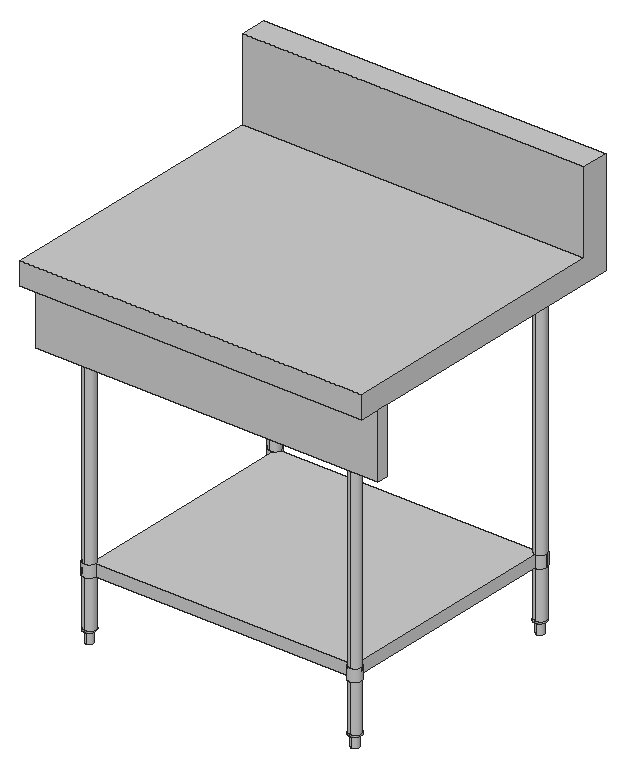
Revit family "QF_COMCATER ALL BRANDS_RCS21004", category Specialty Equipment, Revit 2014
Parameters (values of type "RCS21004")
  URL Cutsheet = ""
  URL = ""
  Type Comments = ""
  Status [instance] = ""
  Specification by User [instance] = ""
  Specification by Manufacturer [instance] = ""
  Seismic Rating = ""
  SMACNA No = ""
  Revision Code [instance] = ""
  NAFEM Spec ID Number = ""
  Model = "RCS21004"
  Masterspec = ""
  Manufacturer = "TRUEHEAT"
  Length Actual = 900 mm
  Item Number [instance] = ""
  Installed By [instance] = ""
  Identify Quantity as Lot [instance] = no
  Height Actual = 1125 mm
  Furnished By [instance] = ""
  Foodservice Equipment Identifier [instance] = yes
  Description = "IN-FILL BENCH COMPLETE WITH SHELF 900MM FOR SALAMANDER"
  Depth Actual = 803 mm
  CSI MasterFormat = ""
  Assembly Code = "E1090320"
  Accessory = no
Reference planes
  plane 1 "Center (Front/Back)": y = 0
  plane 2: z = 0
  plane 3 "Center (Left/Right)": x = 0
Dimensions and locks
  aligned and locked: level to plane 2
Nested families
  nested 1: "QF_COMCATER_RCS21004" at (0, 0, 0), type "RCS21004"
    with Show Logo yes, Show Clearance yes
Definition of nested family "QF_COMCATER_RCS21004"
  Parameters (values of type "RCS21004")
    URL = "www.comcater.com.au"
    Show Logo [instance] = yes
    Show Clearance [instance] = yes
    Model = "RCS21004"
    Manufacturer = "TRUEHEAT"
    Description = "IN-FILL BENCH COMPLETE WITH SHELF 900MM FOR SALAMANDER"
    Assembly Code = "E1090320"
  Reference planes
    plane 1 "Back": y = 0
    plane 2: z = 0
    plane 3 "Left": x = 0
    plane 4 "Right": x = 900
    plane 5 "Front": y = -803
    plane 6 "Top": z = 910
  Forms (mm)
    Extrusion 1, solid
      sketch origin (207.069, 0, 682.5) x (0, 1, 0) y (0, 0, 1)
        loop
          line (0, 442.5) -> (-70, 442.5) -> (-70, 227.5) -> (-803, 227.5) -> (-803, 167.5) -> (0, 167.5) -> (0, 442.5)
      from -207.069 to 692.931
    Extrusion 2, solid
      sketch origin (0, 0, 0) x (0, 1, 0) y (0, 0, 1)
        loop
          line (-720, 850) -> (-750, 850) -> (-750, 680) -> (-720, 680) -> (-720, 850)
      from 0 to 900
    Extrusion 3, solid
      sketch origin (0, 0, 160) x (1, 0, 0) y (0, 1, 0)
        loop
          line (108.05, -104.988) -> (108.05, -685.027)
          arc (108.05, -685.027) -> (85.408, -708.722) -> (117, -700) r 17
          line (117, -700) -> (783, -700)
          arc (783, -700) -> (812.021, -712.021) -> (800, -683) r 17
          line (800, -683) -> (800, -107)
          arc (800, -107) -> (812.021, -77.979) -> (783, -90) r 17
          line (783, -90) -> (117.028, -90)
          arc (117.028, -90) -> (85.445, -81.264) -> (108.05, -104.988) r 17
        loop
          circle (100, -700) r 15
        loop
          circle (800, -700) r 15
        loop
          circle (100.028, -90) r 15
        loop
          circle (800, -90) r 15
      from 0 to 30
    Revolve 4, solid
      sketch origin (100, 38, 0) x (0, 1, 0) y (0, 0, 1)
        loop
          line (-113, 850) -> (-128, 850) -> (-128, 0) -> (-118, 0) -> (-118, 30) -> (-113, 30)
          arc (-113, 30) -> (-111.5, 31.5) -> (-113, 33) r 1.5
          line (-113, 33) -> (-113, 850)
        axis (-128, 0) -> (-128, 850)
      angle from 0 to 360
    Revolve 5, solid
      sketch origin (800, 38, 0) x (0, 1, 0) y (0, 0, 1)
        loop
          line (-113, 850) -> (-128, 850) -> (-128, 0) -> (-118, 0) -> (-118, 30) -> (-113, 30)
          arc (-113, 30) -> (-111.5, 31.5) -> (-113, 33) r 1.5
          line (-113, 33) -> (-113, 850)
        axis (-128, 0) -> (-128, 850)
      angle from 0 to 360
    Revolve 6, solid
      sketch origin (100, -572, 0) x (0, 1, 0) y (0, 0, 1)
        loop
          line (-113, 850) -> (-128, 850) -> (-128, 0) -> (-118, 0) -> (-118, 30) -> (-113, 30)
          arc (-113, 30) -> (-111.5, 31.5) -> (-113, 33) r 1.5
          line (-113, 33) -> (-113, 850)
        axis (-128, 0) -> (-128, 850)
      angle from 0 to 360
    Revolve 7, solid
      sketch origin (800, -572, 0) x (0, 1, 0) y (0, 0, 1)
        loop
          line (-113, 850) -> (-128, 850) -> (-128, 0) -> (-118, 0) -> (-118, 30) -> (-113, 30)
          arc (-113, 30) -> (-111.5, 31.5) -> (-113, 33) r 1.5
          line (-113, 33) -> (-113, 850)
        axis (-128, 0) -> (-128, 850)
      angle from 0 to 360
  Lines and regions (mm)
    symbolic lines, style "200-EquipBorder-2D", visible <- "Show Clearance"
      curve 1: line (0, 0, 0) -> (900, 0, 0)
      curve 2: line (900, 0, 0) -> (900, -803, 0)
      curve 3: line (900, -803, 0) -> (0, -803, 0)
      curve 4: line (0, -803, 0) -> (0, 0, 0)
  Dimensions and locks
    plane 1 "Back" to plane 5 "Front" = 803 mm
    plane 6 "Top" to level = 910 mm  (x2)
    plane 3 "Left" to plane 4 "Right" = 900 mm
    plane 5 "Front" to plane 1 "Back" = 803 mm
    plane 4 "Right" to plane 3 "Left" = 900 mm
    aligned and locked: level to plane 2
